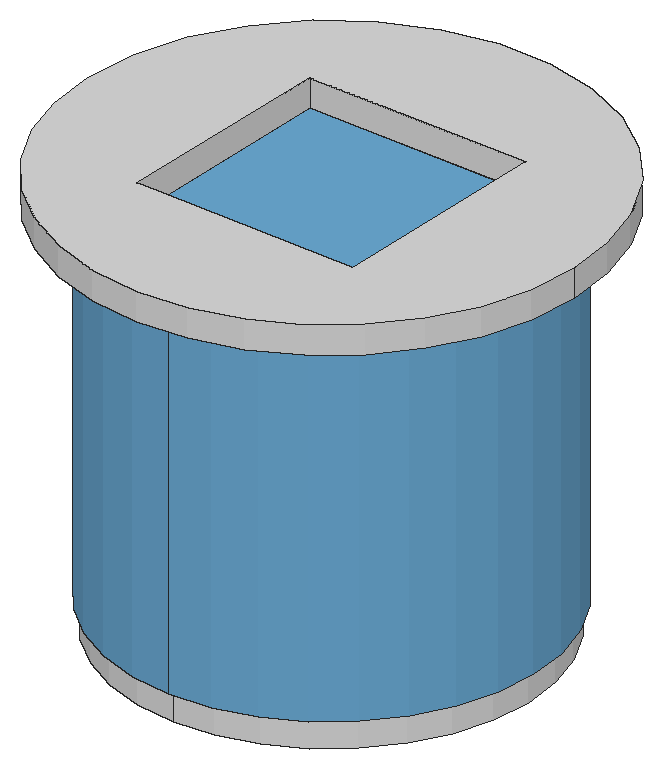
Revit family "Roxtec R frames", category Duct Accessories, host Face, Revit 2017
Family settings
  Host = Face
  Round Connector Dimension = Use Diameter
  Part Type = Attaches To
  Cut with Voids When Loaded = No
  Shared = No
Parameters (values of type "R 75")
  Weight (kg) = 0.5
  WarrantyGuarantorParts = ""
  WarrantyGuarantorLabor = ""
  WarrantyDurationUnit = ""
  WarrantyDurationParts = ""
  WarrantyDurationLabor = ""
  WarrantyDescription = ""
  Version = "2.0"  # constant formula
  Uniclass2015Version = ""
  Uniclass2015Title = ""
  Uniclass2015Code = ""
  URL = "https://www.roxtec.com/en/products/solutions/roxtec-r-transit/"
  UNSPSC Code = ""
  Sähkönumero = "1753650"
  SustainabilityPerformance = ""
  Size = ""
  Shape = ""
  Roxtec RTD [instance] = ""
  Roxtec Product Title [instance] = if(and(Wall opening diameter = 75 mm), "R 75 AISI316", if(and(Wall opening diameter = 100 mm), "R 100 AISI316", if(and(Wall opening diameter = 125 mm), "R 125 AISI316", if(and(Wall opening diameter = 150 mm), "R 150 AISI316", "R 200 AISI316"))))  # "R 75 AISI316"
  Roxtec Product ID [instance] = if(and(Wall opening diameter = 75 mm), "R000000751021", if(and(Wall opening diameter = 100 mm), "R000001001021", if(and(Wall opening diameter = 125 mm), "R000001251021", if(and(Wall opening diameter = 150 mm), "R000001501021", "R000002001021"))))  # "R000000751021"
  Sealing visibility [instance] = yes
  Sealing material = Roxylon blue
  Frame material = Roxylon blue
  Revision = ""
  ReplacementCost = ""
  ProductInformation = ""
  ProdLib_ID = ""
  NominalLength [instance] = 0 mm
  NominalHeight = 0 mm
  NominalDepth = 0 mm
  Name = ""
  NBSReference = ""
  NBSDescription = ""
  ModelReference = ""
  ModelNumber = ""
  ManufacturerURL = ""
  Manufacturer = "Roxtec"  # constant formula
  IfcExportType = ""
  IfcExportAs = ""
  IfcClassification = ""
  IFC Classification = ""
  Grade = ""
  Fitting material = Steel
  Finish = ""
  Features = ""
  ExpectedLife = ""
  ETIM Classification = "EC000220"  # constant formula
  DurationUnit = ""
  Description = "Sealing solutions for cables and pipes"
  Default Elevation = 0 mm
  Constituents = ""
  Color = ""
  Wall opening diameter = 75 mm
  Sealing height = 65 mm  # constant formula
  Fitting thickness = 5 mm  # constant formula
  Packing space = 40 mm
  Front fitting diameter = Wall opening diameter + 15 mm  # 90 mm
  CodePerformance = ""
  Category = ""
  COBie Type Category = ""
  BIMObjectName = ""
  Author = "ProdLib Oy"  # constant formula
  AssetType = ""
  AccessibilityPerformance = ""
Types (6, lengths in mm): name | Weight (kg) | Sähkönumero | Roxtec Product Title | Roxtec Product ID | Wall opening diameter | Packing space | Front fitting diameter
  (no name) | 0.5 | "1753650" | "R 75 AISI316" | "R000000751021" | 75 | 40 | 90
  R 200 | 2.6 | "1753078" | "R 200 AISI316" | "R000002001021" | 200 | 120 | 215
  R 150 | 1.6 | "1753077" | "R 150 AISI316" | "R000001501021" | 150 | 90 | 165
  R 100 | 0.8 | "1753074" | "R 100 AISI316" | "R000001001021" | 100 | 60 | 115
  R 125 | 1.1 | "1753075" | "R 125 AISI316" | "R000001251021" | 125 | 80 | 140
  R 75 | 0.5 | "1753650" | "R 75 AISI316" | "R000000751021" | 75 | 40 | 90
Reference planes
  plane 1 "Center (Front/Back)": y = 0
  plane 2: z = 0
  plane 3 "Center (Left/Right)": x = 0
  plane 4: z = -500
  plane 5: x = -20
  plane 6: x = 20
  plane 7: x = -45
  plane 8: x = 45
  plane 9: z = 5
  plane 10: y = 37.5
  plane 11: y = -37.5
  plane 12: z = -65
  plane 13: z = -70
  plane 14: y = -20
  plane 15: y = 20
Forms (mm)
  Extrusion 1, void
    sketch origin (0, 0, 0) x (1, 0, 0) y (0, 1, 0)
      loop
        line (-20, 20) -> (-20, -20) -> (20, -20) -> (20, 20) -> (-20, 20)
    from -500 to 5
  Extrusion 2, solid, material "Steel" <- "Fitting material"
    sketch origin (0, 0, 0) x (1, 0, 0) y (0, 1, 0)
      loop
        circle (0, 0) r 45
    from 0 to 5
  Extrusion 3, void
    sketch origin (0, 0, 0) x (1, 0, 0) y (0, 1, 0)
      loop
        circle (0, 0) r 37.5
    from -500 to 0
  Extrusion 4, solid, material "Roxylon blue" <- "Frame material"
    sketch origin (0, 0, 0) x (1, 0, 0) y (0, 1, 0)
      loop
        circle (0, 0) r 37.5
    from -65 to 0
  Extrusion 5, solid, material "Steel" <- "Fitting material"
    sketch origin (0, 0, 0) x (1, 0, 0) y (0, 1, 0)
      loop
        circle (0, 0) r 36.5
    from -70 to -65
  Extrusion 6, solid, material "Roxylon blue" <- "Sealing material", visible <- "Sealing visibility"
    sketch origin (0, 0, 0) x (1, 0, 0) y (0, 1, 0)
      loop
        line (-20, 20) -> (-20, -20) -> (20, -20) -> (20, 20) -> (-20, 20)
    from -65 to 0
Cuts and joins
  Extrusion 1, Extrusion 3 cuts Extrusion 2
  Extrusion 1 cuts Extrusion 4
  Extrusion 1 cuts Extrusion 5
Dimensions and locks
  locked: level to plane 4 at 500
  equal spacing: plane 5, plane 3 "Center (Left/Right)", plane 6
  "Packing space": plane 5 to plane 6
  equal spacing: plane 7, plane 3 "Center (Left/Right)", plane 8
  "Front fitting diameter": plane 7 to plane 8
  "Fitting thickness": plane 9 to level
  equal spacing: plane 10, plane 1 "Center (Front/Back)", plane 11
  "Wall opening diameter": plane 10 to plane 11
  "Sealing height": plane 2 to plane 12
  "Fitting thickness": plane 12 to plane 13
  equal spacing: plane 14, plane 1 "Center (Front/Back)", plane 15
  "Packing space": plane 15 to plane 14
  aligned and locked: plane 2 to host face
  aligned and locked: level to host face
  aligned and locked: Extrusion 1 sketch curve to plane 5
  aligned and locked: plane 6 to Extrusion 1 sketch curve
  aligned and locked: Extrusion 1 to plane 4
  aligned and locked: plane 1 "Center (Front/Back)" to Extrusion 2 sketch curve  (x2)
  aligned and locked: plane 7 to Extrusion 2 sketch curve
  aligned and locked: plane 8 to Extrusion 2 sketch curve
  aligned and locked: plane 9 to Extrusion 2
  aligned and locked: Extrusion 2 to level
  aligned and locked: Extrusion 2 to Extrusion 1
  aligned and locked: plane 3 "Center (Left/Right)" to Extrusion 3 sketch curve  (x2)
  aligned and locked: plane 10 to Extrusion 3 sketch curve
  aligned and locked: plane 11 to Extrusion 3 sketch curve
  aligned and locked: Extrusion 3 to plane 4
  aligned and locked: level to Extrusion 3
  aligned and locked: plane 3 "Center (Left/Right)" to Extrusion 4 sketch curve  (x2)
  aligned and locked: plane 10 to Extrusion 4 sketch curve
  aligned and locked: plane 11 to Extrusion 4 sketch curve
  aligned and locked: Extrusion 4 to plane 12
  aligned and locked: level to Extrusion 4
  aligned and locked: plane 3 "Center (Left/Right)" to Extrusion 5 sketch curve  (x2)
  aligned and locked: Extrusion 5 to plane 13
  aligned and locked: plane 12 to Extrusion 5
  aligned and locked: Extrusion 1 to plane 14
  aligned and locked: Extrusion 6 sketch curve to cut or joined group of Extrusion 1, Extrusion 2, Extrusion 3  (x4)
  aligned and locked: Extrusion 6 to plane 12
  aligned and locked: level to Extrusion 6
  aligned and locked: plane 15 to Extrusion 1
Automatic sketch dimensions
  host sketch curve to host sketch curve = 2438.4 mm  (x2)
  Extrusion 1 sketch curve to plane 10 = 17.5 mm
  plane 11 to Extrusion 1 sketch curve = 17.5 mm
  plane 1 "Center (Front/Back)" to Extrusion 5 sketch curve = 0 mm
  plane 11 to Extrusion 5 sketch curve = 1 mm
